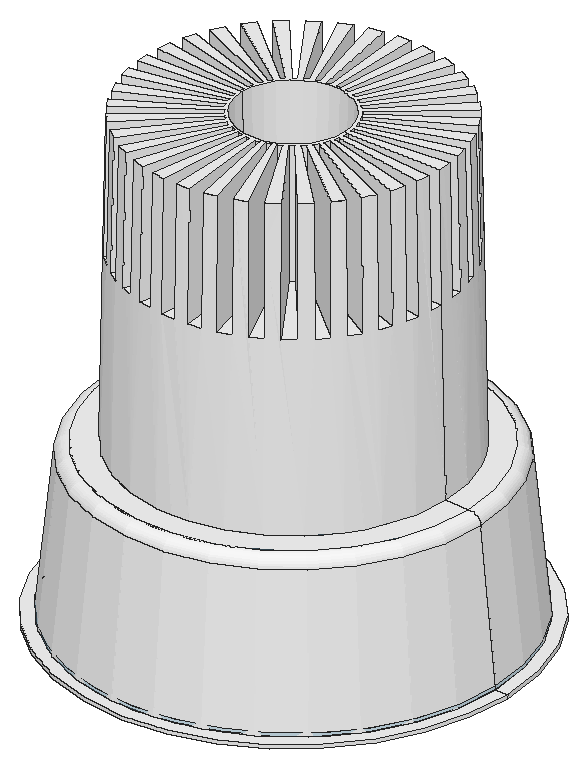
Revit family "RA 8 TL DIXIT LED", category Lighting Fixtures, host Ceiling, Revit 2019
Family settings
  Host = Ceiling
  Round Connector Dimension = Use Diameter
  Part Type = Normal
  OmniClass Number = 23.80.70.11
  OmniClass Title = Luminaries for Internal Lighting
  Always vertical = No
  Cut with Voids When Loaded = No
  Light Source = Yes
  Shared = No
  Room Calculation Point = No
Parameters (values of type "RA 8 TL DIXIT LED 1400lm 12W 3000K CRI90 65° Refl-WHITE-regolabile")
  Wattage = 9.42495 W
  built-in parameter 1150110 = 1 (stored number, unit not read)
  URL = "https://www.aria.lighting/prodotti/interni/incassi/ra-8-tl-ra-8-l-tl-dixit-led"
  Type Image = RA8TL_DIXIT_LED_TAB-Sito-Ivela.jpg
  Type Comments = "Ceiling recessed light"
  Tilt Angle = 90.00°
  Photometric Web File = "234-259BN _ RA 8 TL DIXIT LED 12W 1400 lm 3000K CRI90 65°.IES"
  built-in parameter 1150142 = "IESNA:LM-63-2002\r\n[TEST] 238-25 TYRA XW/05-10-2016 / Ferrandino\r\n[TESTLAB] ies2eulumdat.appspot.com\r\n[ISSUEDATE] 2021-07-22T10:10:46.188\r\n[MANUFAC] IVELA SpA\r\n[LUMCAT] 234-259BN _12W\r\n[LUMINAIRE] RA 8 TL D. L. 12W 1400 lm 65°\r\n[LAMPCAT] LED- RA8 12W 3K C90\r\n[LAMP] LED- RA8 12W 3K C90\r\nTILT=NONE\r\n1\t1229\t1\t37\t1\t1\t2\t-0.091\t-0.091\t0.025\r\n1.0\t1.0\t12.00\r\n0\t 5\t 10\t 15\t 20\t 25\t 30\t 35\t 40\t 45\r\n50\t 55\t 60\t 65\t 70\t 75\t 80\t 85\t 90\t 95\r\n100\t 105\t 110\t 115\t 120\t 125\t 130\t 135\t 140\t 145\r\n150\t 155\t 160\t 165\t 170\t 175\t 180\r\n0\r\n944.612\t936.0538\t907.9268\t863.02\t813.1362\t750.4765\t601.529\t382.9263\t244.0316\t181.8918\r\n137.8103\t101.3393\t73.0123\t51.4411\t32.0602\t18.1562\t10.0184\t3.9429\t0\t0\r\n0\t0\t0\t0\t0\t0\t0\t0\t0\t0\r\n0\t0\t0\t0\t0\t0\t0"
  Model = "234-259BN-21"
  Manufacturer = "ARIA"
  Larghezza = 96 mm
  Lamp = "LED 1400lm 12W 3000K CRI90"
  built-in parameter 1114217 = 1 (stored number, unit not read)
  built-in parameter 1150109 = 1 (stored number, unit not read)
  Wattage Comments = "12"
  built-in parameter 1150134 = (empty or 0)
  built-in parameter 1150113 = 1 (stored number, unit not read)
  Lumens = 1400 lm
  built-in parameter 1150115 = 1 (stored number, unit not read)
  built-in parameter 1150105 = 4140.6 (stored number, unit not read)
  built-in parameter 1150137 = (empty or 0)
  built-in parameter 1150139 = (empty or 0)
  built-in parameter 1150112 = 1 (stored number, unit not read)
  built-in parameter 1150114 = 1 (stored number, unit not read)
  built-in parameter 1150132 = 2
  built-in parameter 1150102 = (empty or 0)
  built-in parameter 1150138 = (empty or 0)
  built-in parameter 1150107 = 3000 (stored number, unit not read)
  built-in parameter 1150106 = 41.406 (stored number, unit not read)
  Glass material = Glass
  built-in parameter 1150104 = 13.8 (stored number, unit not read)
  Effective Intensity (lm) = 1228
  Dimming Lamp Color Temperature Shift = <None>
  Description = "Incassi professionali ad ottica fissa, in grado di offrire elevate prestazioni illuminotecniche grazie all’utilizzo di sorgenti LED COB di ultima generazione e ad un’accurata progettazione. \r\nLa finitura a filo soffitto che caratterizza RA 8 TL Dixit LED, fa si che la luce si integri negli ambienti e ne diventi protagonista in modo morbido e non invasivo. La varietà di fasci di luce degli apparecchi permette di illuminare in modo diretto e ben controllato piccole e grandi superfici. L’elevato rendimento luminoso di RA 8 TL Dixit LED si coniuga con contenuti valori di luminanza e livelli di abbagliamento estremamente ridotti, consentendo un ottimo comfort visivo.\r\nI driver sono da ordinare separatamente, la potenza dell’apparecchio varia a seconda del driver scelto.\r\nGrado di protezione IP44."
  Corrente driver (mA) = "350mA regolabile sul taglio di fase"
  Color Filter = 16777215
  Codice = "234-259BN-21"
  CRI L'indice di Resa Cromatica = "90"
  Body material = White Powder Coated Aluminium
  Beam angle (°) = "65° Refl."
  built-in parameter 1114218 = 1 (stored number, unit not read)
  built-in parameter 1150133 = 10 (stored number, unit not read)
Types (12, lengths in mm): name | Wattage | Photometric Web File | built-in parameter 1150142 | Lamp | Wattage Comments | Lumens | built-in parameter 1150105 | built-in parameter 1150106 | Effective Intensity (lm) | Corrente driver (mA) | Beam angle (°)
  RA 8 TL DIXIT LED 1050lm 9W 3000K CRI90 26° Refl-WHITE | 7.06871 W | "234-259BN _ RA 8 TL DIXIT LED 9W 1050 lm 3000K CRI90 26°.IES" | "IESNA:LM-63-2002\r\n[TEST] 234-23Tyra-M(1)R/13-04-2015 / Ferrandino\r\n[TESTLAB] ies2eulumdat.appspot.com\r\n[ISSUEDATE] 2021-07-22T10:05:11.374\r\n[MANUFAC] IVELA SpA\r\n[LUMCAT] 234-259BN _9W\r\n[LUMINAIRE] RA 8 TL D. L. 9W 1050 lm 26°\r\n[LAMPCAT] LED- RA8 9W 3K CRI90\r\n[LAMP] LED- RA8 9W 3K CRI90\r\nTILT=NONE\r\n1\t921\t1\t37\t1\t1\t2\t-0.091\t-0.091\t0.025\r\n1.0\t1.0\t9.00\r\n0\t 5\t 10\t 15\t 20\t 25\t 30\t 35\t 40\t 45\r\n50\t 55\t 60\t 65\t 70\t 75\t 80\t 85\t 90\t 95\r\n100\t 105\t 110\t 115\t 120\t 125\t 130\t 135\t 140\t 145\r\n150\t 155\t 160\t 165\t 170\t 175\t 180\r\n0\r\n2723.9441\t2487.0737\t1831.7487\t1145.0346\t715.9937\t506.5123\t354.4038\t127.3253\t24.467\t19.926\r\n16.8778\t13.5056\t10.1271\t6.6795\t5.001\t4.2589\t3.0848\t1.515\t0\t0\r\n0\t0\t0\t0\t0\t0\t0\t0\t0\t0\r\n0\t0\t0\t0\t0\t0\t0" | "LED 1050lm 9W 3000K CRI90" | "9" | 1050 lm | 2718.3 (stored number, unit not read) | 27.183 (stored number, unit not read) | 921 | "250mA" | "26° Refl."
  RA 8 TL DIXIT LED 1050lm 9W 3000K CRI90 45° Refl-WHITE | 7.06871 W | "234-259BN _ RA 8 TL DIXIT LED 9W 1050 lm 3000K CRI90 45°.IES" | "IESNA:LM-63-2002\r\n[TEST] 234-24 Tyra-W/07-09-2016 / Ferrandino\r\n[TESTLAB] ies2eulumdat.appspot.com\r\n[ISSUEDATE] 2021-07-22T10:06:00.383\r\n[MANUFAC] IVELA SpA\r\n[LUMCAT] 234-259BN _9W\r\n[LUMINAIRE] RA 8 TL D. L. 9W 1050 lm 48°\r\n[LAMPCAT] LED- RA8 9W 3K CRI90\r\n[LAMP] LED- RA8 9W 3K CRI90\r\nTILT=NONE\r\n1\t921\t1\t37\t1\t1\t2\t-0.091\t-0.091\t0.025\r\n1.0\t1.0\t9.00\r\n0\t 5\t 10\t 15\t 20\t 25\t 30\t 35\t 40\t 45\r\n50\t 55\t 60\t 65\t 70\t 75\t 80\t 85\t 90\t 95\r\n100\t 105\t 110\t 115\t 120\t 125\t 130\t 135\t 140\t 145\r\n150\t 155\t 160\t 165\t 170\t 175\t 180\r\n0\r\n1479.519\t1457.3736\t1368.9842\t1189.9787\t946.8574\t687.0189\t402.7142\t128.6564\t27.425\t21.1818\r\n17.4872\t14.2133\t10.5359\t6.9757\t5.4184\t4.6067\t3.3093\t1.5803\t0\t0\r\n0\t0\t0\t0\t0\t0\t0\t0\t0\t0\r\n0\t0\t0\t0\t0\t0\t0" | "LED 1050lm 9W 3000K CRI90" | "9" | 1050 lm | 2718.3 (stored number, unit not read) | 27.183 (stored number, unit not read) | 921 | "250mA" | "45° Refl."
  RA 8 TL DIXIT LED 1050lm 9W 3000K CRI90 65° Refl-WHITE | 7.06871 W | "234-259BN _ RA 8 TL DIXIT LED 9W 1050 lm 3000K CRI90 65°.IES" | "IESNA:LM-63-2002\r\n[TEST] 238-25 TYRA XW/05-10-2016 / Ferrandino\r\n[TESTLAB] ies2eulumdat.appspot.com\r\n[ISSUEDATE] 2021-07-22T10:06:45.142\r\n[MANUFAC] IVELA SpA\r\n[LUMCAT] 234-259BN _9W\r\n[LUMINAIRE] RA 8 TL D. L. 9W 1050 lm 65°\r\n[LAMPCAT] LED- RA8 9W 3K CRI90\r\n[LAMP] LED- RA8 9W 3K CRI90\r\nTILT=NONE\r\n1\t921\t1\t37\t1\t1\t2\t-0.091\t-0.091\t0.025\r\n1.0\t1.0\t9.00\r\n0\t 5\t 10\t 15\t 20\t 25\t 30\t 35\t 40\t 45\r\n50\t 55\t 60\t 65\t 70\t 75\t 80\t 85\t 90\t 95\r\n100\t 105\t 110\t 115\t 120\t 125\t 130\t 135\t 140\t 145\r\n150\t 155\t 160\t 165\t 170\t 175\t 180\r\n0\r\n707.8825\t701.4691\t680.3911\t646.7384\t609.356\t562.3994\t450.7797\t286.9611\t182.8748\t136.3078\r\n103.2736\t75.9427\t54.7147\t38.5494\t24.0256\t13.606\t7.5077\t2.9548\t0\t0\r\n0\t0\t0\t0\t0\t0\t0\t0\t0\t0\r\n0\t0\t0\t0\t0\t0\t0" | "LED 1050lm 9W 3000K CRI90" | "9" | 1050 lm | 2718.3 (stored number, unit not read) | 27.183 (stored number, unit not read) | 921 | "250mA" | "65° Refl."
  RA 8 TL DIXIT LED 1050lm 9W 3000K CRI90 26° Refl-WHITE-DALI | 7.06871 W | "234-259BN _ RA 8 TL DIXIT LED 9W 1050 lm 3000K CRI90 26°.IES" | "IESNA:LM-63-2002\r\n[TEST] 234-23Tyra-M(1)R/13-04-2015 / Ferrandino\r\n[TESTLAB] ies2eulumdat.appspot.com\r\n[ISSUEDATE] 2021-07-22T10:05:11.374\r\n[MANUFAC] IVELA SpA\r\n[LUMCAT] 234-259BN _9W\r\n[LUMINAIRE] RA 8 TL D. L. 9W 1050 lm 26°\r\n[LAMPCAT] LED- RA8 9W 3K CRI90\r\n[LAMP] LED- RA8 9W 3K CRI90\r\nTILT=NONE\r\n1\t921\t1\t37\t1\t1\t2\t-0.091\t-0.091\t0.025\r\n1.0\t1.0\t9.00\r\n0\t 5\t 10\t 15\t 20\t 25\t 30\t 35\t 40\t 45\r\n50\t 55\t 60\t 65\t 70\t 75\t 80\t 85\t 90\t 95\r\n100\t 105\t 110\t 115\t 120\t 125\t 130\t 135\t 140\t 145\r\n150\t 155\t 160\t 165\t 170\t 175\t 180\r\n0\r\n2723.9441\t2487.0737\t1831.7487\t1145.0346\t715.9937\t506.5123\t354.4038\t127.3253\t24.467\t19.926\r\n16.8778\t13.5056\t10.1271\t6.6795\t5.001\t4.2589\t3.0848\t1.515\t0\t0\r\n0\t0\t0\t0\t0\t0\t0\t0\t0\t0\r\n0\t0\t0\t0\t0\t0\t0" | "LED 1050lm 9W 3000K CRI90" | "9" | 1050 lm | 2718.3 (stored number, unit not read) | 27.183 (stored number, unit not read) | 921 | "250mA dimmerabile DALI" | "26° Refl."
  RA 8 TL DIXIT LED 1050lm 9W 3000K CRI90 45° Refl-WHITE-DALI | 7.06871 W | "234-259BN _ RA 8 TL DIXIT LED 9W 1050 lm 3000K CRI90 45°.IES" | "IESNA:LM-63-2002\r\n[TEST] 234-24 Tyra-W/07-09-2016 / Ferrandino\r\n[TESTLAB] ies2eulumdat.appspot.com\r\n[ISSUEDATE] 2021-07-22T10:06:00.383\r\n[MANUFAC] IVELA SpA\r\n[LUMCAT] 234-259BN _9W\r\n[LUMINAIRE] RA 8 TL D. L. 9W 1050 lm 48°\r\n[LAMPCAT] LED- RA8 9W 3K CRI90\r\n[LAMP] LED- RA8 9W 3K CRI90\r\nTILT=NONE\r\n1\t921\t1\t37\t1\t1\t2\t-0.091\t-0.091\t0.025\r\n1.0\t1.0\t9.00\r\n0\t 5\t 10\t 15\t 20\t 25\t 30\t 35\t 40\t 45\r\n50\t 55\t 60\t 65\t 70\t 75\t 80\t 85\t 90\t 95\r\n100\t 105\t 110\t 115\t 120\t 125\t 130\t 135\t 140\t 145\r\n150\t 155\t 160\t 165\t 170\t 175\t 180\r\n0\r\n1479.519\t1457.3736\t1368.9842\t1189.9787\t946.8574\t687.0189\t402.7142\t128.6564\t27.425\t21.1818\r\n17.4872\t14.2133\t10.5359\t6.9757\t5.4184\t4.6067\t3.3093\t1.5803\t0\t0\r\n0\t0\t0\t0\t0\t0\t0\t0\t0\t0\r\n0\t0\t0\t0\t0\t0\t0" | "LED 1050lm 9W 3000K CRI90" | "9" | 1050 lm | 2718.3 (stored number, unit not read) | 27.183 (stored number, unit not read) | 921 | "250mA dimmerabile DALI" | "45° Refl."
  RA 8 TL DIXIT LED 1050lm 9W 3000K CRI90 65° Refl-WHITE-DALI | 7.06871 W | "234-259BN _ RA 8 TL DIXIT LED 9W 1050 lm 3000K CRI90 65°.IES" | "IESNA:LM-63-2002\r\n[TEST] 238-25 TYRA XW/05-10-2016 / Ferrandino\r\n[TESTLAB] ies2eulumdat.appspot.com\r\n[ISSUEDATE] 2021-07-22T10:06:45.142\r\n[MANUFAC] IVELA SpA\r\n[LUMCAT] 234-259BN _9W\r\n[LUMINAIRE] RA 8 TL D. L. 9W 1050 lm 65°\r\n[LAMPCAT] LED- RA8 9W 3K CRI90\r\n[LAMP] LED- RA8 9W 3K CRI90\r\nTILT=NONE\r\n1\t921\t1\t37\t1\t1\t2\t-0.091\t-0.091\t0.025\r\n1.0\t1.0\t9.00\r\n0\t 5\t 10\t 15\t 20\t 25\t 30\t 35\t 40\t 45\r\n50\t 55\t 60\t 65\t 70\t 75\t 80\t 85\t 90\t 95\r\n100\t 105\t 110\t 115\t 120\t 125\t 130\t 135\t 140\t 145\r\n150\t 155\t 160\t 165\t 170\t 175\t 180\r\n0\r\n707.8825\t701.4691\t680.3911\t646.7384\t609.356\t562.3994\t450.7797\t286.9611\t182.8748\t136.3078\r\n103.2736\t75.9427\t54.7147\t38.5494\t24.0256\t13.606\t7.5077\t2.9548\t0\t0\r\n0\t0\t0\t0\t0\t0\t0\t0\t0\t0\r\n0\t0\t0\t0\t0\t0\t0" | "LED 1050lm 9W 3000K CRI90" | "9" | 1050 lm | 2718.3 (stored number, unit not read) | 27.183 (stored number, unit not read) | 921 | "250mA dimmerabile DALI" | "65° Refl."
  RA 8 TL DIXIT LED 1400lm 12W 3000K CRI90 26° Refl-WHITE-regolabile | 9.42495 W | "234-259BN _ RA 8 TL DIXIT LED 12W 1400 lm 3000K CRI90 26°.IES" | "IESNA:LM-63-2002\r\n[TEST] 234-23Tyra-M(1)R/13-04-2015 / Ferrandino\r\n[TESTLAB] ies2eulumdat.appspot.com\r\n[ISSUEDATE] 2021-07-22T10:08:09.751\r\n[MANUFAC] IVELA SpA\r\n[LUMCAT] 234-259BN _12W\r\n[LUMINAIRE] RA 8 TL D. L. 12W 1400 lm 26°\r\n[LAMPCAT] LED- RA8 12W 3K C90\r\n[LAMP] LED- RA8 12W 3K C90\r\nTILT=NONE\r\n1\t1229\t1\t37\t1\t1\t2\t-0.091\t-0.091\t0.025\r\n1.0\t1.0\t12.00\r\n0\t 5\t 10\t 15\t 20\t 25\t 30\t 35\t 40\t 45\r\n50\t 55\t 60\t 65\t 70\t 75\t 80\t 85\t 90\t 95\r\n100\t 105\t 110\t 115\t 120\t 125\t 130\t 135\t 140\t 145\r\n150\t 155\t 160\t 165\t 170\t 175\t 180\r\n0\r\n3634.883\t3318.7987\t2444.3205\t1527.956\t955.4357\t675.8997\t472.9233\t169.9053\t32.6492\t26.5897\r\n22.5221\t18.0222\t13.5139\t8.9133\t6.6735\t5.6832\t4.1164\t2.0216\t0\t0\r\n0\t0\t0\t0\t0\t0\t0\t0\t0\t0\r\n0\t0\t0\t0\t0\t0\t0" | "LED 1400lm 12W 3000K CRI90" | "12" | 1400 lm | 4140.6 (stored number, unit not read) | 41.406 (stored number, unit not read) | 1228 | "350mA regolabile sul taglio di fase" | "26° Refl."
  RA 8 TL DIXIT LED 1400lm 12W 3000K CRI90 45° Refl-WHITE-regolabile | 9.42495 W | "234-259BN _ RA 8 TL DIXIT LED 12W 1400 lm 3000K CRI90 45°.IES" | "IESNA:LM-63-2002\r\n[TEST] 234-24 Tyra-W/07-09-2016 / Ferrandino\r\n[TESTLAB] ies2eulumdat.appspot.com\r\n[ISSUEDATE] 2021-07-22T10:09:30.459\r\n[MANUFAC] IVELA SpA\r\n[LUMCAT] 234-259BN _12W\r\n[LUMINAIRE] RA 8 TL D. L. 12W 1400 lm 48°\r\n[LAMPCAT] LED- RA8 12W 3K C90\r\n[LAMP] LED- RA8 12W 3K C90\r\nTILT=NONE\r\n1\t1229\t1\t37\t1\t1\t2\t-0.091\t-0.091\t0.025\r\n1.0\t1.0\t12.00\r\n0\t 5\t 10\t 15\t 20\t 25\t 30\t 35\t 40\t 45\r\n50\t 55\t 60\t 65\t 70\t 75\t 80\t 85\t 90\t 95\r\n100\t 105\t 110\t 115\t 120\t 125\t 130\t 135\t 140\t 145\r\n150\t 155\t 160\t 165\t 170\t 175\t 180\r\n0\r\n1974.2985\t1944.7471\t1826.7987\t1587.9303\t1263.5046\t916.7712\t537.3895\t171.6815\t36.5964\t28.2654\r\n23.3352\t18.9664\t14.0593\t9.3085\t7.2305\t6.1473\t4.416\t2.1087\t0\t0\r\n0\t0\t0\t0\t0\t0\t0\t0\t0\t0\r\n0\t0\t0\t0\t0\t0\t0" | "LED 1400lm 12W 3000K CRI90" | "12" | 1400 lm | 4140.6 (stored number, unit not read) | 41.406 (stored number, unit not read) | 1228 | "350mA regolabile sul taglio di fase" | "45° Refl."
  RA 8 TL DIXIT LED 1400lm 12W 3000K CRI90 65° Refl-WHITE-regolabile | 9.42495 W | "234-259BN _ RA 8 TL DIXIT LED 12W 1400 lm 3000K CRI90 65°.IES" | "IESNA:LM-63-2002\r\n[TEST] 238-25 TYRA XW/05-10-2016 / Ferrandino\r\n[TESTLAB] ies2eulumdat.appspot.com\r\n[ISSUEDATE] 2021-07-22T10:10:46.188\r\n[MANUFAC] IVELA SpA\r\n[LUMCAT] 234-259BN _12W\r\n[LUMINAIRE] RA 8 TL D. L. 12W 1400 lm 65°\r\n[LAMPCAT] LED- RA8 12W 3K C90\r\n[LAMP] LED- RA8 12W 3K C90\r\nTILT=NONE\r\n1\t1229\t1\t37\t1\t1\t2\t-0.091\t-0.091\t0.025\r\n1.0\t1.0\t12.00\r\n0\t 5\t 10\t 15\t 20\t 25\t 30\t 35\t 40\t 45\r\n50\t 55\t 60\t 65\t 70\t 75\t 80\t 85\t 90\t 95\r\n100\t 105\t 110\t 115\t 120\t 125\t 130\t 135\t 140\t 145\r\n150\t 155\t 160\t 165\t 170\t 175\t 180\r\n0\r\n944.612\t936.0538\t907.9268\t863.02\t813.1362\t750.4765\t601.529\t382.9263\t244.0316\t181.8918\r\n137.8103\t101.3393\t73.0123\t51.4411\t32.0602\t18.1562\t10.0184\t3.9429\t0\t0\r\n0\t0\t0\t0\t0\t0\t0\t0\t0\t0\r\n0\t0\t0\t0\t0\t0\t0" | "LED 1400lm 12W 3000K CRI90" | "12" | 1400 lm | 4140.6 (stored number, unit not read) | 41.406 (stored number, unit not read) | 1228 | "350mA regolabile sul taglio di fase" | "65° Refl."
  RA 8 TL DIXIT LED 1400lm 12W 3000K CRI90 26° Refl-WHITE-DALI | 9.42495 W | "234-259BN _ RA 8 TL DIXIT LED 12W 1400 lm 3000K CRI90 26°.IES" | "IESNA:LM-63-2002\r\n[TEST] 234-23Tyra-M(1)R/13-04-2015 / Ferrandino\r\n[TESTLAB] ies2eulumdat.appspot.com\r\n[ISSUEDATE] 2021-07-22T10:08:09.751\r\n[MANUFAC] IVELA SpA\r\n[LUMCAT] 234-259BN _12W\r\n[LUMINAIRE] RA 8 TL D. L. 12W 1400 lm 26°\r\n[LAMPCAT] LED- RA8 12W 3K C90\r\n[LAMP] LED- RA8 12W 3K C90\r\nTILT=NONE\r\n1\t1229\t1\t37\t1\t1\t2\t-0.091\t-0.091\t0.025\r\n1.0\t1.0\t12.00\r\n0\t 5\t 10\t 15\t 20\t 25\t 30\t 35\t 40\t 45\r\n50\t 55\t 60\t 65\t 70\t 75\t 80\t 85\t 90\t 95\r\n100\t 105\t 110\t 115\t 120\t 125\t 130\t 135\t 140\t 145\r\n150\t 155\t 160\t 165\t 170\t 175\t 180\r\n0\r\n3634.883\t3318.7987\t2444.3205\t1527.956\t955.4357\t675.8997\t472.9233\t169.9053\t32.6492\t26.5897\r\n22.5221\t18.0222\t13.5139\t8.9133\t6.6735\t5.6832\t4.1164\t2.0216\t0\t0\r\n0\t0\t0\t0\t0\t0\t0\t0\t0\t0\r\n0\t0\t0\t0\t0\t0\t0" | "LED 1400lm 12W 3000K CRI90" | "12" | 1400 lm | 4140.6 (stored number, unit not read) | 41.406 (stored number, unit not read) | 1228 | "350mA dimmerabile DALI" | "26° Refl."
  RA 8 TL DIXIT LED 1400lm 12W 3000K CRI90 45° Refl-WHITE-DALI | 9.42495 W | "234-259BN _ RA 8 TL DIXIT LED 12W 1400 lm 3000K CRI90 45°.IES" | "IESNA:LM-63-2002\r\n[TEST] 234-24 Tyra-W/07-09-2016 / Ferrandino\r\n[TESTLAB] ies2eulumdat.appspot.com\r\n[ISSUEDATE] 2021-07-22T10:09:30.459\r\n[MANUFAC] IVELA SpA\r\n[LUMCAT] 234-259BN _12W\r\n[LUMINAIRE] RA 8 TL D. L. 12W 1400 lm 48°\r\n[LAMPCAT] LED- RA8 12W 3K C90\r\n[LAMP] LED- RA8 12W 3K C90\r\nTILT=NONE\r\n1\t1229\t1\t37\t1\t1\t2\t-0.091\t-0.091\t0.025\r\n1.0\t1.0\t12.00\r\n0\t 5\t 10\t 15\t 20\t 25\t 30\t 35\t 40\t 45\r\n50\t 55\t 60\t 65\t 70\t 75\t 80\t 85\t 90\t 95\r\n100\t 105\t 110\t 115\t 120\t 125\t 130\t 135\t 140\t 145\r\n150\t 155\t 160\t 165\t 170\t 175\t 180\r\n0\r\n1974.2985\t1944.7471\t1826.7987\t1587.9303\t1263.5046\t916.7712\t537.3895\t171.6815\t36.5964\t28.2654\r\n23.3352\t18.9664\t14.0593\t9.3085\t7.2305\t6.1473\t4.416\t2.1087\t0\t0\r\n0\t0\t0\t0\t0\t0\t0\t0\t0\t0\r\n0\t0\t0\t0\t0\t0\t0" | "LED 1400lm 12W 3000K CRI90" | "12" | 1400 lm | 4140.6 (stored number, unit not read) | 41.406 (stored number, unit not read) | 1228 | "350mA dimmerabile DALI" | "45° Refl."
  RA 8 TL DIXIT LED 1400lm 12W 3000K CRI90 65° Refl-WHITE-DALI | 9.42495 W | "234-259BN _ RA 8 TL DIXIT LED 12W 1400 lm 3000K CRI90 65°.IES" | "IESNA:LM-63-2002\r\n[TEST] 238-25 TYRA XW/05-10-2016 / Ferrandino\r\n[TESTLAB] ies2eulumdat.appspot.com\r\n[ISSUEDATE] 2021-07-22T10:10:46.188\r\n[MANUFAC] IVELA SpA\r\n[LUMCAT] 234-259BN _12W\r\n[LUMINAIRE] RA 8 TL D. L. 12W 1400 lm 65°\r\n[LAMPCAT] LED- RA8 12W 3K C90\r\n[LAMP] LED- RA8 12W 3K C90\r\nTILT=NONE\r\n1\t1229\t1\t37\t1\t1\t2\t-0.091\t-0.091\t0.025\r\n1.0\t1.0\t12.00\r\n0\t 5\t 10\t 15\t 20\t 25\t 30\t 35\t 40\t 45\r\n50\t 55\t 60\t 65\t 70\t 75\t 80\t 85\t 90\t 95\r\n100\t 105\t 110\t 115\t 120\t 125\t 130\t 135\t 140\t 145\r\n150\t 155\t 160\t 165\t 170\t 175\t 180\r\n0\r\n944.612\t936.0538\t907.9268\t863.02\t813.1362\t750.4765\t601.529\t382.9263\t244.0316\t181.8918\r\n137.8103\t101.3393\t73.0123\t51.4411\t32.0602\t18.1562\t10.0184\t3.9429\t0\t0\r\n0\t0\t0\t0\t0\t0\t0\t0\t0\t0\r\n0\t0\t0\t0\t0\t0\t0" | "LED 1400lm 12W 3000K CRI90" | "12" | 1400 lm | 4140.6 (stored number, unit not read) | 41.406 (stored number, unit not read) | 1228 | "350mA dimmerabile DALI" | "65° Refl."
Reference planes
  plane 1 "Light Source Axis (F/B)": y = 0
  plane 2: z = 0
  plane 3 "Light Source Axis (L/R)": x = 0
  plane 4 "Ceiling": z = 4000
  plane 5 "Light Source Elevation": z = 4000
  plane 6: x = -48
  plane 7: x = 48
  plane 8: z = 4100
Forms (mm)
  Revolve 1, solid, material "White Powder Coated Aluminium" <- "Body material"
    sketch origin (0, 0, 0) x (1, 0, 0) y (0, 0, 1)
      loop
        line (-45.317, 4000) -> (-48, 4000) -> (-48, 3999.2) -> (-45.317, 3999.2) -> (-45.317, 4000)
      axis (0, 4000) -> (0, 3999)
    angle from 0 to 360
  Extrusion 2, solid, material "Glass" <- "Glass material"
    sketch origin (0, 0, 4000) x (0, 1, 0) y (-1, 0, 0)
      loop
        circle (0, 0) r 45.317
    from 0 to 0.8
  Revolve 3, solid, material "White Powder Coated Aluminium" <- "Body material"
    sketch origin (0, 0, 0) x (1, 0, 0) y (0, 0, 1)
      loop
        line (-11.463, 4099.941) -> (-32.778, 4099.941) -> (-34.065, 4034.065) -> (-39.321, 4034.065)
        arc (-39.321, 4034.065) -> (-41.119, 4033.374) -> (-41.993, 4031.657) r 2.686
        line (-41.993, 4031.657) -> (-45.296, 4000) -> (-24.063, 4034.065) -> (-4.982, 4034.065) -> (-4.982, 4040.258) -> (-10.515, 4040.258)
        arc (-10.515, 4040.258) -> (-10.887, 4040.412) -> (-11.041, 4040.784) r 0.526
        line (-11.041, 4040.784) -> (-11.041, 4055.841) -> (-4.492, 4055.841) -> (-4.578, 4054.126) -> (-7.594, 4054.126)
        arc (-7.594, 4054.126) -> (-8.222, 4053.866) -> (-8.482, 4053.237) r 0.889
        line (-8.482, 4053.237) -> (-8.482, 4051.276)
        arc (-8.482, 4051.276) -> (-8.253, 4050.721) -> (-7.698, 4050.491) r 0.785
        line (-7.698, 4050.491) -> (-4.94, 4050.491)
        arc (-4.94, 4050.491) -> (-4.589, 4050.345) -> (-4.443, 4049.994) r 0.497
        line (-4.443, 4049.994) -> (-4.443, 4048.573)
        arc (-4.443, 4048.573) -> (-4.591, 4048.215) -> (-4.949, 4048.067) r 0.505
        line (-4.949, 4048.067) -> (-7.701, 4048.067)
        arc (-7.701, 4048.067) -> (-8.253, 4047.838) -> (-8.482, 4047.285) r 0.782
        line (-8.482, 4047.285) -> (-8.482, 4045.376)
        arc (-8.482, 4045.376) -> (-8.206, 4044.708) -> (-7.538, 4044.432) r 0.944
        line (-7.538, 4044.432) -> (0, 4044.432) -> (0, 4056.819) -> (-10.637, 4056.819) -> (-11.463, 4099.941)
      axis (0, 4099.941) -> (0, 4000)
    angle from 0 to 360
  Extrusion 4, void
    sketch origin (0, 0, 4000) x (0, 1, 0) y (1, 0, 0)
      loop
        line (2.99, 34.179) -> (1.054, 12.047)
        arc (1.054, 12.047) -> (1.578, 11.99) -> (2.1, 11.909) r 12.093
        line (2.1, 11.909) -> (5.958, 33.789)
        arc (5.958, 33.789) -> (4.478, 34.016) -> (2.99, 34.179) r 34.31
      loop
        arc (0, 34.31) -> (-1.497, 34.277) -> (-2.99, 34.179) r 34.31
        line (-2.99, 34.179) -> (-1.054, 12.047)
        arc (-1.054, 12.047) -> (-0.527, 12.082) -> (0, 12.093) r 12.093
        line (0, 12.093) -> (0, 34.31)
      loop
        line (-2.1, 11.909) -> (-5.958, 33.789)
        arc (-5.958, 33.789) -> (-7.426, 33.497) -> (-8.88, 33.141) r 34.31
        line (-8.88, 33.141) -> (-3.13, 11.681)
        arc (-3.13, 11.681) -> (-2.617, 11.806) -> (-2.1, 11.909) r 12.093
      loop
        line (-4.136, 11.364) -> (-11.735, 32.241)
        arc (-11.735, 32.241) -> (-13.13, 31.698) -> (-14.5, 31.095) r 34.31
        line (-14.5, 31.095) -> (-5.111, 10.96)
        arc (-5.111, 10.96) -> (-4.628, 11.172) -> (-4.136, 11.364) r 12.093
      loop
        line (-6.047, 10.473) -> (-17.155, 29.713)
        arc (-17.155, 29.713) -> (-18.435, 28.937) -> (-19.679, 28.105) r 34.31
        line (-19.679, 28.105) -> (-6.936, 9.906)
        arc (-6.936, 9.906) -> (-6.498, 10.199) -> (-6.047, 10.473) r 12.093
      loop
        line (-7.773, 9.264) -> (-22.054, 26.283)
        arc (-22.054, 26.283) -> (-23.179, 25.296) -> (-24.261, 24.261) r 34.31
        line (-24.261, 24.261) -> (-8.551, 8.551)
        arc (-8.551, 8.551) -> (-8.17, 8.916) -> (-7.773, 9.264) r 12.093
      loop
        arc (-9.906, 6.936) -> (-9.594, 7.362) -> (-9.264, 7.773) r 12.093
        line (-9.264, 7.773) -> (-26.283, 22.054)
        arc (-26.283, 22.054) -> (-27.22, 20.886) -> (-28.105, 19.679) r 34.31
        line (-28.105, 19.679) -> (-9.906, 6.936)
      loop
        line (-11.364, 4.136) -> (-32.241, 11.735)
        arc (-32.241, 11.735) -> (-32.722, 10.317) -> (-33.141, 8.88) r 34.31
        line (-33.141, 8.88) -> (-11.681, 3.13)
        arc (-11.681, 3.13) -> (-11.533, 3.636) -> (-11.364, 4.136) r 12.093
      loop
        line (-12.093, 0) -> (-34.31, 0)
        arc (-34.31, 0) -> (-34.277, -1.497) -> (-34.179, -2.99) r 34.31
        line (-34.179, -2.99) -> (-12.047, -1.054)
        arc (-12.047, -1.054) -> (-12.082, -0.527) -> (-12.093, 0) r 12.093
      loop
        line (-11.909, 2.1) -> (-33.789, 5.958)
        arc (-33.789, 5.958) -> (-34.016, 4.478) -> (-34.179, 2.99) r 34.31
        line (-34.179, 2.99) -> (-12.047, 1.054)
        arc (-12.047, 1.054) -> (-11.99, 1.578) -> (-11.909, 2.1) r 12.093
      loop
        line (-10.473, 6.047) -> (-29.713, 17.155)
        arc (-29.713, 17.155) -> (-30.433, 15.843) -> (-31.095, 14.5) r 34.31
        line (-31.095, 14.5) -> (-10.96, 5.111)
        arc (-10.96, 5.111) -> (-10.727, 5.584) -> (-10.473, 6.047) r 12.093
      loop
        arc (-1.054, -12.047) -> (-1.578, -11.99) -> (-2.1, -11.909) r 12.093
        line (-2.1, -11.909) -> (-5.958, -33.789)
        arc (-5.958, -33.789) -> (-4.478, -34.016) -> (-2.99, -34.179) r 34.31
        line (-2.99, -34.179) -> (-1.054, -12.047)
      loop
        arc (-3.13, -11.681) -> (-3.636, -11.533) -> (-4.136, -11.364) r 12.093
        line (-4.136, -11.364) -> (-11.735, -32.241)
        arc (-11.735, -32.241) -> (-10.317, -32.722) -> (-8.88, -33.141) r 34.31
        line (-8.88, -33.141) -> (-3.13, -11.681)
      loop
        arc (-5.111, -10.96) -> (-5.584, -10.727) -> (-6.047, -10.473) r 12.093
        line (-6.047, -10.473) -> (-17.155, -29.713)
        arc (-17.155, -29.713) -> (-15.843, -30.433) -> (-14.5, -31.095) r 34.31
        line (-14.5, -31.095) -> (-5.111, -10.96)
      loop
        line (-7.773, -9.264) -> (-22.054, -26.283)
        arc (-22.054, -26.283) -> (-20.886, -27.22) -> (-19.679, -28.105) r 34.31
        line (-19.679, -28.105) -> (-6.936, -9.906)
        arc (-6.936, -9.906) -> (-7.362, -9.594) -> (-7.773, -9.264) r 12.093
      loop
        arc (-9.906, -6.936) -> (-10.199, -6.498) -> (-10.473, -6.047) r 12.093
        line (-10.473, -6.047) -> (-29.713, -17.155)
        arc (-29.713, -17.155) -> (-28.937, -18.435) -> (-28.105, -19.679) r 34.31
        line (-28.105, -19.679) -> (-9.906, -6.936)
      loop
        line (-11.364, -4.136) -> (-32.241, -11.735)
        arc (-32.241, -11.735) -> (-31.698, -13.13) -> (-31.095, -14.5) r 34.31
        line (-31.095, -14.5) -> (-10.96, -5.111)
        arc (-10.96, -5.111) -> (-11.172, -4.628) -> (-11.364, -4.136) r 12.093
      loop
        line (-11.909, -2.1) -> (-33.789, -5.958)
        arc (-33.789, -5.958) -> (-33.497, -7.426) -> (-33.141, -8.88) r 34.31
        line (-33.141, -8.88) -> (-11.681, -3.13)
        arc (-11.681, -3.13) -> (-11.806, -2.617) -> (-11.909, -2.1) r 12.093
      loop
        arc (-8.551, -8.551) -> (-8.916, -8.17) -> (-9.264, -7.773) r 12.093
        line (-9.264, -7.773) -> (-26.283, -22.054)
        arc (-26.283, -22.054) -> (-25.296, -23.179) -> (-24.261, -24.261) r 34.31
        line (-24.261, -24.261) -> (-8.551, -8.551)
      loop
        arc (3.13, 11.681) -> (3.636, 11.533) -> (4.136, 11.364) r 12.093
        line (4.136, 11.364) -> (11.735, 32.241)
        arc (11.735, 32.241) -> (10.317, 32.722) -> (8.88, 33.141) r 34.31
        line (8.88, 33.141) -> (3.13, 11.681)
      loop
        arc (5.111, 10.96) -> (5.584, 10.727) -> (6.047, 10.473) r 12.093
        line (6.047, 10.473) -> (17.155, 29.713)
        arc (17.155, 29.713) -> (15.843, 30.433) -> (14.5, 31.095) r 34.31
        line (14.5, 31.095) -> (5.111, 10.96)
      loop
        line (7.773, 9.264) -> (22.054, 26.283)
        arc (22.054, 26.283) -> (20.886, 27.22) -> (19.679, 28.105) r 34.31
        line (19.679, 28.105) -> (6.936, 9.906)
        arc (6.936, 9.906) -> (7.362, 9.594) -> (7.773, 9.264) r 12.093
      loop
        arc (9.906, 6.936) -> (10.199, 6.498) -> (10.473, 6.047) r 12.093
        line (10.473, 6.047) -> (29.713, 17.155)
        arc (29.713, 17.155) -> (28.937, 18.435) -> (28.105, 19.679) r 34.31
        line (28.105, 19.679) -> (9.906, 6.936)
      loop
        line (11.364, 4.136) -> (32.241, 11.735)
        arc (32.241, 11.735) -> (31.698, 13.13) -> (31.095, 14.5) r 34.31
        line (31.095, 14.5) -> (10.96, 5.111)
        arc (10.96, 5.111) -> (11.172, 4.628) -> (11.364, 4.136) r 12.093
      loop
        line (12.093, 0) -> (34.31, 0)
        arc (34.31, 0) -> (34.277, 1.497) -> (34.179, 2.99) r 34.31
        line (34.179, 2.99) -> (12.047, 1.054)
        arc (12.047, 1.054) -> (12.082, 0.527) -> (12.093, 0) r 12.093
      loop
        line (11.909, 2.1) -> (33.789, 5.958)
        arc (33.789, 5.958) -> (33.497, 7.426) -> (33.141, 8.88) r 34.31
        line (33.141, 8.88) -> (11.681, 3.13)
        arc (11.681, 3.13) -> (11.806, 2.617) -> (11.909, 2.1) r 12.093
      loop
        arc (8.551, 8.551) -> (8.916, 8.17) -> (9.264, 7.773) r 12.093
        line (9.264, 7.773) -> (26.283, 22.054)
        arc (26.283, 22.054) -> (25.296, 23.179) -> (24.261, 24.261) r 34.31
        line (24.261, 24.261) -> (8.551, 8.551)
      loop
        arc (1.054, -12.047) -> (0.527, -12.082) -> (0, -12.093) r 12.093
        line (0, -12.093) -> (0, -34.31)
        arc (0, -34.31) -> (1.497, -34.277) -> (2.99, -34.179) r 34.31
        line (2.99, -34.179) -> (1.054, -12.047)
      loop
        line (2.1, -11.909) -> (5.958, -33.789)
        arc (5.958, -33.789) -> (7.426, -33.497) -> (8.88, -33.141) r 34.31
        line (8.88, -33.141) -> (3.13, -11.681)
        arc (3.13, -11.681) -> (2.617, -11.806) -> (2.1, -11.909) r 12.093
      loop
        line (4.136, -11.364) -> (11.735, -32.241)
        arc (11.735, -32.241) -> (13.13, -31.698) -> (14.5, -31.095) r 34.31
        line (14.5, -31.095) -> (5.111, -10.96)
        arc (5.111, -10.96) -> (4.628, -11.172) -> (4.136, -11.364) r 12.093
      loop
        line (6.047, -10.473) -> (17.155, -29.713)
        arc (17.155, -29.713) -> (18.435, -28.937) -> (19.679, -28.105) r 34.31
        line (19.679, -28.105) -> (6.936, -9.906)
        arc (6.936, -9.906) -> (6.498, -10.199) -> (6.047, -10.473) r 12.093
      loop
        line (7.773, -9.264) -> (22.054, -26.283)
        arc (22.054, -26.283) -> (23.179, -25.296) -> (24.261, -24.261) r 34.31
        line (24.261, -24.261) -> (8.551, -8.551)
        arc (8.551, -8.551) -> (8.17, -8.916) -> (7.773, -9.264) r 12.093
      loop
        arc (9.906, -6.936) -> (9.594, -7.362) -> (9.264, -7.773) r 12.093
        line (9.264, -7.773) -> (26.283, -22.054)
        arc (26.283, -22.054) -> (27.22, -20.886) -> (28.105, -19.679) r 34.31
        line (28.105, -19.679) -> (9.906, -6.936)
      loop
        line (11.364, -4.136) -> (32.241, -11.735)
        arc (32.241, -11.735) -> (32.722, -10.317) -> (33.141, -8.88) r 34.31
        line (33.141, -8.88) -> (11.681, -3.13)
        arc (11.681, -3.13) -> (11.533, -3.636) -> (11.364, -4.136) r 12.093
      loop
        line (11.909, -2.1) -> (33.789, -5.958)
        arc (33.789, -5.958) -> (34.016, -4.478) -> (34.179, -2.99) r 34.31
        line (34.179, -2.99) -> (12.047, -1.054)
        arc (12.047, -1.054) -> (11.99, -1.578) -> (11.909, -2.1) r 12.093
      loop
        line (10.473, -6.047) -> (29.713, -17.155)
        arc (29.713, -17.155) -> (30.433, -15.843) -> (31.095, -14.5) r 34.31
        line (31.095, -14.5) -> (10.96, -5.111)
        arc (10.96, -5.111) -> (10.727, -5.584) -> (10.473, -6.047) r 12.093
    from -127.25 to -72.976
Cuts and joins
  Extrusion 4 cuts Revolve 1
  Extrusion 4 cuts Extrusion 2
  Extrusion 4 cuts Revolve 3
Lines and regions (mm)
  Opening 1
    outline origin (0, 0, 4000) x (1, 0, 0) y (0, 1, 0)
      loop
        circle (0, 0) r 46
Dimensions and locks
  equal spacing: host sketch curve, plane 3 "Light Source Axis (L/R)", host sketch curve
  equal spacing: host sketch curve, plane 1 "Light Source Axis (F/B)", host sketch curve
  host sketch curve to host sketch curve = 4000 mm  (x2)
  plane 4 "Ceiling" to host ceiling = 0 mm
  equal spacing: plane 7, plane 3 "Light Source Axis (L/R)", plane 6
  "Larghezza": plane 7 to plane 6
  imposter light to plane 8 = 100 mm
  aligned and locked: plane 3 "Light Source Axis (L/R)" to imposter light
  aligned and locked: plane 1 "Light Source Axis (F/B)" to imposter light
  aligned and locked: plane 5 "Light Source Elevation" to imposter light
  aligned and locked: plane 5 "Light Source Elevation" to plane 4 "Ceiling"
  aligned and locked: Revolve 1 sketch curve to plane 6
Automatic sketch dimensions
  Opening 1 sketch curve to plane 3 "Light Source Axis (L/R)" = 0 mm
  Opening 1 sketch curve to plane 3 "Light Source Axis (L/R)" = 46 mm
  plane 1 "Light Source Axis (F/B)" to Opening 1 sketch curve = 0 mm
  Extrusion 4 sketch curve to Extrusion 4 sketch curve = 0 mm  (x138)
  plane 1 "Light Source Axis (F/B)" to Extrusion 4 sketch curve = 0 mm
  Extrusion 4 sketch curve to plane 3 "Light Source Axis (L/R)" = 0 mm
  Extrusion 4 sketch curve to plane 3 "Light Source Axis (L/R)" = 1.054 mm  (x2)
  Extrusion 4 sketch curve to Extrusion 4 sketch curve = 1.046 mm  (x4)
  Extrusion 4 sketch curve to plane 3 "Light Source Axis (L/R)" = 2.99 mm  (x2)
  Extrusion 4 sketch curve to Extrusion 4 sketch curve = 1.03 mm  (x4)
  Extrusion 4 sketch curve to Extrusion 4 sketch curve = 1.006 mm  (x4)
  Extrusion 4 sketch curve to Extrusion 4 sketch curve = 0.975 mm  (x4)
  Extrusion 4 sketch curve to Extrusion 4 sketch curve = 2.968 mm  (x5)
  Extrusion 4 sketch curve to Extrusion 4 sketch curve = 0.936 mm  (x4)
  Extrusion 4 sketch curve to Extrusion 4 sketch curve = 0.89 mm  (x6)
  Extrusion 4 sketch curve to Extrusion 4 sketch curve = 0.837 mm  (x6)
  Extrusion 4 sketch curve to Extrusion 4 sketch curve = 0.778 mm  (x6)
  Extrusion 4 sketch curve to Extrusion 4 sketch curve = 2.922 mm  (x6)
  Extrusion 4 sketch curve to Extrusion 4 sketch curve = 0.713 mm  (x6)
  Extrusion 4 sketch curve to Extrusion 4 sketch curve = 0.642 mm  (x6)
  Extrusion 4 sketch curve to Extrusion 4 sketch curve = 0.567 mm  (x6)
  Extrusion 4 sketch curve to plane 1 "Light Source Axis (F/B)" = 6.047 mm
  plane 1 "Light Source Axis (F/B)" to Extrusion 4 sketch curve = 5.111 mm  (x2)
  Extrusion 4 sketch curve to Extrusion 4 sketch curve = 0.487 mm  (x6)
  Extrusion 4 sketch curve to plane 1 "Light Source Axis (F/B)" = 5.111 mm  (x2)
  Extrusion 4 sketch curve to plane 1 "Light Source Axis (F/B)" = 4.136 mm  (x2)
  plane 1 "Light Source Axis (F/B)" to Extrusion 4 sketch curve = 4.136 mm  (x2)
  Extrusion 4 sketch curve to Extrusion 4 sketch curve = 0.404 mm  (x4)
  plane 1 "Light Source Axis (F/B)" to Extrusion 4 sketch curve = 3.13 mm  (x2)
  Extrusion 4 sketch curve to plane 1 "Light Source Axis (F/B)" = 3.13 mm  (x2)
  Extrusion 4 sketch curve to Extrusion 4 sketch curve = 0.317 mm  (x4)
  Extrusion 4 sketch curve to Extrusion 4 sketch curve = 2.855 mm  (x6)
  plane 1 "Light Source Axis (F/B)" to Extrusion 4 sketch curve = 2.1 mm  (x2)
  Extrusion 4 sketch curve to Extrusion 4 sketch curve = 0.228 mm  (x4)
  Extrusion 4 sketch curve to plane 1 "Light Source Axis (F/B)" = 2.1 mm  (x2)
  Extrusion 4 sketch curve to plane 1 "Light Source Axis (F/B)" = 1.054 mm  (x2)
  Extrusion 4 sketch curve to Extrusion 4 sketch curve = 0.138 mm  (x4)
  plane 1 "Light Source Axis (F/B)" to Extrusion 4 sketch curve = 1.054 mm  (x2)
  Extrusion 4 sketch curve to Extrusion 4 sketch curve = 2.765 mm  (x6)
  Extrusion 4 sketch curve to Extrusion 4 sketch curve = 2.655 mm  (x6)
  Extrusion 4 sketch curve to Extrusion 4 sketch curve = 2.524 mm  (x6)
  Extrusion 4 sketch curve to Extrusion 4 sketch curve = 2.375 mm  (x6)
  Extrusion 4 sketch curve to Extrusion 4 sketch curve = 2.207 mm  (x6)
  Extrusion 4 sketch curve to Extrusion 4 sketch curve = 2.022 mm  (x6)
  Extrusion 4 sketch curve to Extrusion 4 sketch curve = 1.822 mm  (x6)
  Extrusion 4 sketch curve to Extrusion 4 sketch curve = 1.608 mm  (x6)
  Extrusion 4 sketch curve to Extrusion 4 sketch curve = 1.382 mm  (x6)
  Extrusion 4 sketch curve to Extrusion 4 sketch curve = 1.145 mm  (x6)
  Extrusion 4 sketch curve to Extrusion 4 sketch curve = 0.9 mm  (x6)
  Extrusion 4 sketch curve to Extrusion 4 sketch curve = 0.648 mm  (x6)
  Extrusion 4 sketch curve to Extrusion 4 sketch curve = 0.391 mm  (x6)
  plane 1 "Light Source Axis (F/B)" to Extrusion 4 sketch curve = 2.99 mm
  Extrusion 4 sketch curve to Extrusion 4 sketch curve = 0.131 mm  (x2)
  plane 3 "Light Source Axis (L/R)" to Extrusion 4 sketch curve = 1.054 mm  (x2)
  plane 3 "Light Source Axis (L/R)" to Extrusion 4 sketch curve = 2.99 mm  (x2)
  plane 1 "Light Source Axis (F/B)" to Extrusion 4 sketch curve = 6.047 mm
  Extrusion 4 sketch curve to plane 1 "Light Source Axis (F/B)" = 2.99 mm
  Extrusion 4 sketch curve to Extrusion 4 sketch curve = 5.89 mm
  Revolve 1 sketch curve to plane 4 "Ceiling" = 0 mm
  Revolve 1 sketch curve to plane 3 "Light Source Axis (L/R)" = 0 mm
  plane 4 "Ceiling" to Revolve 1 sketch curve = 0.8 mm
  Revolve 1 sketch curve to Revolve 1 sketch curve = 2.683 mm
  Revolve 1 sketch curve to level = 377.986 mm
  plane 8 to Revolve 1 sketch curve = 429.527 mm
  Revolve 3 sketch curve to plane 4 "Ceiling" = 0 mm
  Revolve 3 sketch curve to plane 3 "Light Source Axis (L/R)" = 0 mm  (x2)
  Revolve 3 sketch curve to plane 3 "Light Source Axis (L/R)" = 4.443 mm
  Revolve 3 sketch curve to plane 3 "Light Source Axis (L/R)" = 4.492 mm
  Revolve 3 sketch curve to Revolve 3 sketch curve = 0.086 mm
  Revolve 3 sketch curve to Revolve 3 sketch curve = 0.497 mm
  Revolve 3 sketch curve to Revolve 3 sketch curve = 0.505 mm
  Revolve 3 sketch curve to plane 3 "Light Source Axis (L/R)" = 4.982 mm
  Revolve 3 sketch curve to Revolve 3 sketch curve = 2.59 mm
  Revolve 3 sketch curve to Revolve 3 sketch curve = 3.016 mm
  Revolve 3 sketch curve to Revolve 3 sketch curve = 0.104 mm
  Revolve 3 sketch curve to Revolve 3 sketch curve = 0.162 mm
  Revolve 3 sketch curve to Revolve 3 sketch curve = 0.944 mm
  Revolve 3 sketch curve to Revolve 3 sketch curve = 0.889 mm
  Revolve 3 sketch curve to Revolve 3 sketch curve = 2.977 mm
  Revolve 3 sketch curve to Revolve 3 sketch curve = 3.043 mm
  Revolve 3 sketch curve to Revolve 3 sketch curve = 0.404 mm
  Revolve 3 sketch curve to plane 8 = 0.059 mm
  Revolve 3 sketch curve to plane 3 "Light Source Axis (L/R)" = 11.463 mm
  Revolve 3 sketch curve to Revolve 3 sketch curve = 13.022 mm
  plane 6 to Revolve 3 sketch curve = 15.222 mm
  Revolve 3 sketch curve to Revolve 3 sketch curve = 10.002 mm
  Revolve 3 sketch curve to Revolve 3 sketch curve = 5.257 mm
  Revolve 3 sketch curve to Revolve 3 sketch curve = 2.672 mm
  plane 6 to Revolve 3 sketch curve = 2.704 mm
  Revolve 3 sketch curve to plane 4 "Ceiling" = 31.378 mm
  Revolve 3 sketch curve to Revolve 3 sketch curve = 0.279 mm
  Revolve 3 sketch curve to Revolve 3 sketch curve = 0 mm
  Revolve 3 sketch curve to Revolve 3 sketch curve = 6.194 mm
  Revolve 3 sketch curve to Revolve 3 sketch curve = 4.174 mm
  Revolve 3 sketch curve to Revolve 3 sketch curve = 1.909 mm
  Revolve 3 sketch curve to Revolve 3 sketch curve = 1.421 mm
  Revolve 3 sketch curve to Revolve 3 sketch curve = 1.962 mm
  Revolve 3 sketch curve to Revolve 3 sketch curve = 1.715 mm
  Revolve 3 sketch curve to Revolve 3 sketch curve = 0.978 mm
  Revolve 3 sketch curve to level = 377.986 mm
  plane 8 to Revolve 3 sketch curve = 426.027 mm
  radius of Extrusion 2 sketch curve to Revolve 1 = 0 mm
